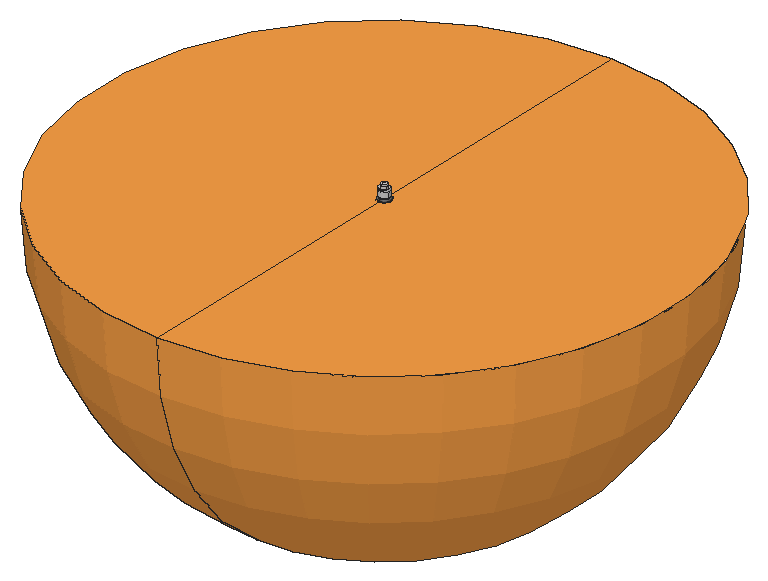
Revit family "Difusores abiertos para aplicaciones locales", category Rociadores, Revit 2017
Family settings
  Mantener orientación de anotación = No
  Cota de conector redondo = Radio de uso
  Tipo de pieza = Normal
  Número OmniClass = 23.65.70.17.11.24
  Título OmniClass = Fire Fighting Sprinkler Heads
  Se basa en plano de trabajo = Sí
  Siempre vertical = Sí
  Corte con vacíos al cargar = No
  Compartido = No
  Punto de cálculo de habitación = No
Parameters (values of type "Difusor abierto 1,1 l/min")
  Zona de acción = yes
  URL = "http://aguilera.es/?productos=difusores-abiertos-de-agua-nebulizada"
  Símbolo texto modelo = yes
  Simbolo = yes
  Respuesta = Norma
  Orificio = Norma
  Modelo = "AN/CA1T-1"
  Fabricante = "Aguilera Electrónica"  # constant formula
  Default Elevation = 1219.2 mm
  Descripción = "Cabeza nebulizadora abierta para instalación en tubería seca, fabricada en acero inoxidable AISI 304 para alta presión.\r\nEquipada con 1 tobera para una cobertura circular de 1 m. De diámetro, ideal para cocinas, motores y puntos especiales."  # constant formula
  Flujo = 1.1 L/min
  Cobertura = Norma
  Clase de presión = Norma
Types (8, lengths in mm): name | Modelo | Flujo
  (no name) | "AN/CA1T-1" | 1.1 L/min
  Difusor abierto 0,4 l/min | "AN/CA1T-04" | 0.4 L/min
  Difusor abierto 0,6 l/min | "AN/CA1T-06" | 0.6 L/min
  Difusor abierto 1,1 l/min | "AN/CA1T-1" | 1.1 L/min
  Difusor abierto 2,0 l/min | "AN/CA1T-2" | 2.0 L/min
  Difusor abierto 3,0 l/min | "AN/CA1T-3" | 3.0 L/min
  Difusor abierto 4,1 l/min | "AN/CA1T-4" | 4.1 L/min
  Difusor abierto 5,1 l/min | "AN/CA1T-5" | 5.1 L/min
Reference planes
  plane 1 "Centro (Frontal/Posterior)": y = 0
  plane 2: z = 0
  plane 3 "Centro (Izquierda/Derecha)": x = 0
Forms (mm)
  Extrusion 1, solid, material "Acero inoxidable", detail levels fine
    sketch origin (0, 0, 0) x (1, 0, 0) y (0, 1, 0)
      loop
        line (2.88, 4.988) -> (-2.88, 4.988) -> (-5.76, 0) -> (-2.88, -4.988) -> (2.88, -4.988) -> (5.76, 0) -> (2.88, 4.988)
    from -26.5 to -23.5
  Extrusion 2, solid, material "Acero inoxidable"
    sketch origin (-289.747, -1524, -23.5) x (-1, 0, 0) y (0, -1, 0)
      loop
        circle (-289.747, -1524) r 7
    from 0 to 25.5
  Extrusion 3, solid, material "Acero inoxidable", detail levels fine
    sketch origin (-289.747, -1524, -10) x (-1, 0, 0) y (0, -1, 0)
      loop
        line (-302.447, -1524) -> (-296.097, -1534.999) -> (-283.397, -1534.999) -> (-277.047, -1524) -> (-283.397, -1513.001) -> (-296.097, -1513.001) -> (-302.447, -1524)
    from 0 to 10
  Extrusion 4, solid, material "Acero inoxidable", detail levels fine
    sketch origin (-289.747, -1524, 2) x (-1, 0, 0) y (0, -1, 0)
      loop
        circle (-289.747, -1524) r 8
    from 0 to 3
  Extrusion 5, solid, material "Acero inoxidable", detail levels fine
    sketch origin (-289.747, -1524, 5) x (-1, 0, 0) y (0, -1, 0)
      loop
        circle (-289.747, -1524) r 8.724
    from 0 to 10
  Extrusion 6, solid, material "Acero inoxidable", detail levels fine
    sketch origin (-289.747, -1524, 15) x (-1, 0, 0) y (0, -1, 0)
      loop
        line (-293.595, -1531.555) -> (-285.899, -1531.555)
        arc (-285.899, -1531.555) -> (-280.799, -1524.165) -> (-285.385, -1516.445) r 8.319
        line (-285.385, -1516.445) -> (-294.109, -1516.445)
        arc (-294.109, -1516.445) -> (-298.696, -1524.165) -> (-293.595, -1531.555) r 8.319
    from 0 to 2.015
  Extrusion 7, solid, material "Acero inoxidable", detail levels fine
    sketch origin (-289.747, -1524, 17.015) x (-1, 0, 0) y (0, -1, 0)
      loop
        circle (-289.747, -1524) r 5
    from 0 to 5.241
  Revolve 8, solid, material "Acero inoxidable", detail levels fine
    sketch origin (0, 0, -30.37) x (0, 1, 0) y (0, 0, 1)
      loop
        line (0, 52.626) -> (0, 55.385) -> (-2.15, 55.385) -> (-5, 53.739) -> (-5, 52.626) -> (0, 52.626)
      axis (0, 55.385) -> (0, 52.626)
    angle from 0 to 360
  Revolve 9, solid, material "Goma", detail levels fine
    sketch origin (0, 0, -26.5) x (0, 1, 0) y (0, 0, 1)
      loop
        line (0, 28.5) -> (-9.003, 28.5)
        arc (-9.003, 28.5) -> (-10.003, 27.5) -> (-9.003, 26.5) r 1
        line (-9.003, 26.5) -> (0, 26.5) -> (0, 28.5)
      axis (0, 28.5) -> (0, 26.5)
    angle from 0 to 360
  Revolve 10, solid, material "Zona de acción", visible <- "Zona de acción"
    sketch origin (0, 0, 0) x (0, 1, 0) y (0, 0, 1)
      loop
        line (0, 0) -> (-500, 0)
        arc (-500, 0) -> (-353.553, -353.553) -> (0, -500) r 500
        line (0, -500) -> (0, 0)
      axis (0, 0) -> (0, -500)
    angle from 0 to 360
Dimensions and locks
  aligned and locked: level to plane 2
Nested families
  nested 1: "S_Difusor abierto_Aguilera Extinción" at (0, 0, 0), visible <- "Simbolo", type "S_Difusor abierto_Aguilera Extinción", detail levels coarse
Connectors
  piping at (0, 0, 0), diameter 20, driven by "Flujo"
    settings: on Extrusion 3, index 1, connector inside diameter 609.6 mm, connector length 0 mm, flow factor 0, pipe flow 1.1 L/min, pressure drop 0.0 Pa, fitting loss kfactor 0, connector angle 0.00°, fixture units 0, engagement length 0 mm, angle of deflection 0.00°, flow configuration 0, flow direction 1, fitting loss method 0, system type 24, joint type 0, gender type 0, connector reference index -1, connector utility 0, adjustable connector no, is connector primary yes, connector description ""
Definition of nested family "S_Difusor abierto_Aguilera Extinción"
  Parameters (values of type "S_Difusor abierto_Aguilera Extinción")
    Texto símbolo = "Difusor abierto"
    Texto modelo = yes
    Modelo = "Difusor abierto"
  Reference planes
    plane 1: y = 0
    plane 2: x = 0
  Lines and regions (mm)
    detail lines
      curve 1: circle (0, 0, 0) r 1.49 normal (0, 0, 1)
      curve 2: line (1.699, 0, 0) -> (2.813, 0, 0)
      curve 3: line (1.201, 1.201, 0) -> (1.989, 1.989, 0)
      curve 4: line (0, 1.699, 0) -> (0, 2.813, 0)
      curve 5: line (-1.699, 0, 0) -> (-2.813, 0, 0)
      curve 6: line (-1.201, 1.201, 0) -> (-1.989, 1.989, 0)
      curve 7: line (1.201, -1.201, 0) -> (1.989, -1.989, 0)
      curve 8: line (0, -1.699, 0) -> (0, -2.813, 0)
      curve 9: line (-1.201, -1.201, 0) -> (-1.989, -1.989, 0)
  Text (mm)
    label "Texto símbolo" at (-0.164, 4.036, 0), shows "Texto símbolo", visible <- "Texto modelo"
    label "Modelo" at (-0.164, -4.339, 0), shows "Modelo", visible <- "Texto modelo"
